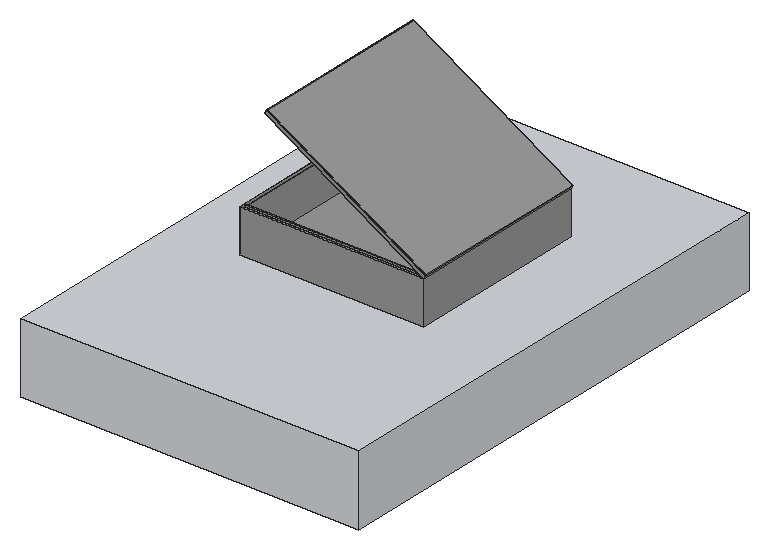
Revit family "Hager-Univers-IP54-D205-H800-Cl.II-Encl-CH-de", category Equipement électrique, Revit 2020
Family settings
  Hôte = Face
  Configuration du panneau = Deux colonnes, circuits au sein
  Cote de connecteur circulaire = Utiliser le diamètre
  Type d'élément = Tableau de raccordement
  Couper avec des vides une fois chargée = Non
  Partagée = Non
  Point de calcul de pièce = Non
Parameters (values of type "Aufputz IP54 B800 H800 T205  - FP53QSW")
  Width Control [instance] = if([EF000008 - Breite] > Min Width, [EF000008 - Breite], Min Width)  # 800 mm
  Commentaires du type = [HG000003 - Bereich]  # "Univers"
  Thickness Door [instance] = if([EF009171 - Materialstärke Tür/Deckel] > 3 mm, 3 mm, [EF009171 - Materialstärke Tür/Deckel])  # 1 mm
  Seal Frame Offset [instance] = 17 mm  # constant formula
  Plinth Visibility [instance] = [HG000027 - Sockelhöhe] > 0 mm  # no
  Model = ""
  Min Width [instance] = 100 mm  # constant formula
  Min Height [instance] = 100 mm  # constant formula
  Min Depth [instance] = (2 * [EF009170 - Materialstärke Gehäuse]) + 1 mm  # 3 mm
  Internal Frame Depth [instance] = (Door System Depth * 0.5)  # 9 mm
  Height Control [instance] = if([EF000040 - Höhe] > Min Height, [EF000040 - Höhe], Min Height)  # 800 mm
  HG000027 - Sockelhöhe = 0 mm
  HG000026 - Stehend auf dem Boden = no
  HG000024 - Höhe des unteren Teils = 800 mm
  HG000023 - Gehäuse mit doppeltem Querschnitt = no
  HG000016 - 3D-Türsichtbarkeit [instance] = yes
  HG000015 - Sichtbarkeit der Türöffnung [instance] = no
  HG000014 - Tür rechts [instance] = yes
  HG000013 - Tür links [instance] = not([HG000014 - Tür rechts])  # no
  HG000012 - Türschwenkwinkel [instance] = 30.00°
  HG000010 - Asymmetrische Türen = no
  HG000009 - Doppelflügeligen Tür = no
  HG000006 - Unterputz = no
  HG000004 - Herstellerreferenz = "FP53QSW"
  HG000003 - Bereich = "Univers"
  HG000002 - Mit tür = yes
  Frame Offset Bottom [instance] = 10 mm  # constant formula
  Frame Offset [instance] = 15 mm  # constant formula
  EF015940 - Deckel mit Überdruckentlastung = no
  EF011959 - Schutzart (NEMA) = ""
  EF009554 - Anzahl der Öffnungen für Flanschplatten = 6
  Fabricant = "Hager"  # constant formula
  EF009212 - Ausführung Deckel = "EV000116 - geschlossen"
  EF009171 - Materialstärke Tür/Deckel = 1 mm
  EF009170 - Materialstärke Gehäuse = 1 mm
  EF008873 - Nennstrom (In) = 250 A
  EF007800 - Geeignet für Blitzschutz = no
  EF006306 - Mit Schloss = no
  EF006244 - Transparenter Deckel/Tür = no
  EF005474 - Schutzart (IP) = "EV006419 - IP54"
  EF004464 - Art der Tür = "EV002646 - Einzel"
  EF004427 - Anzahl der Module = 180
  EF004293 - Schlagfestigkeit = "EV006815 - IK09"
  EF003532 - Geeignet für Außengebrauch = no
  EF002950 - Breite in Teilungseinheiten = 36
  EF001613 - Funktionserhalt = "EV000494 - ohne"
  EF001596 - Werkstoff des Gehäuses = "EV000179 - Stahl"
  EF001131 - Innentiefe = 143 mm
  EF001088 - Anbaumöglichkeit = yes
  EF000437 - Anzahl der Leitungseinführungen = 6
  EF000339 - Art der Abdeckung = "EV001012 - Deckel"
  EF000266 - Anzahl der Reihen = 5
  EF000218 - Einbautiefe = 0 mm
  EF000118 - Mit Montageplatte = no
  EF000116 - RAL-Nummer = "9010"
  EF000049 - Tiefe = 205 mm
  EF000040 - Höhe = 800 mm
  EF000008 - Breite = 800 mm
  EF000007 - Farbe = "EV000202 - weiß"
  EF000003 - Montageart = "EV000384 - Aufputz"
  Door System Leaf Tolerance [instance] = 1.5 mm  # constant formula
  Door System Depth [instance] = 18 mm  # constant formula
  Door Height [instance] = Height Control - [HG000027 - Sockelhöhe]  # 800 mm
  Depth Control [instance] = if([EF000049 - Tiefe] > Min Depth, [EF000049 - Tiefe], Min Depth)  # 205 mm
  Default Elevation = 0 mm
  Connector Offset [instance] = Height Control / 2  # 400 mm
  Bottom Top Plate Trim [instance] = 1.5 mm  # constant formula
  Plinth height Ctrl [instance] = if([HG000027 - Sockelhöhe] > 0 mm, [HG000027 - Sockelhöhe], 12 mm)  # 12 mm
Types (4, lengths in mm): name | Width Control | HG000004 - Herstellerreferenz | EF009554 - Anzahl der Öffnungen für Flanschplatten | EF004464 - Art der Tür | EF004427 - Anzahl der Module | EF002950 - Breite in Teilungseinheiten | EF001131 - Innentiefe | EF000437 - Anzahl der Leitungseinführungen | EF000339 - Art der Abdeckung | EF000008 - Breite
  Aufputz IP54 B1050 H800 T205  - FP54QSW | 1050 | "FP54QSW" | 8 | "EV003602 - Doppel" | 240 | 48 | 130 | 8 | "EV004216 - Tür" | 1050
  Aufputz IP54 B300 H800 T205  - FP51QSW | 300 | "FP51QSW" | 2 | "EV002646 - Einzel" | 60 | 12 | 130 | 2 | "EV001012 - Deckel" | 300
  Aufputz IP54 B550 H800 T205  - FP52QSW | 550 | "FP52QSW" | 4 | "EV002646 - Einzel" | 120 | 24 | 143 | 4 | "EV001012 - Deckel" | 550
  Aufputz IP54 B800 H800 T205  - FP53QSW | 800 | "FP53QSW" | 6 | "EV002646 - Einzel" | 180 | 36 | 143 | 6 | "EV001012 - Deckel" | 800
Reference planes
  plane 1 "Center (Front/Back)": y = 0
  plane 2: z = 0
  plane 3 "Center (Left/Right)": x = 0
  plane 4: z = 205
  plane 5: y = 1
  plane 6: y = 400
  plane 7: y = 0
  plane 8: y = 800
  plane 9: z = 0
  plane 10: x = -385
  plane 11: x = 385
  plane 12: x = 384
  plane 13: x = -384
  plane 14: y = 799
  plane 15: x = -383
  plane 16: x = -400
  plane 17: x = 383
  plane 18: x = 400
  plane 19: x = 399
  plane 20: x = -399
  plane 21: y = 11
  plane 22: y = 800
  plane 23: y = 784
  plane 24: z = 187
  plane 25: z = 1
  plane 26: z = 186
  plane 27: z = 204
Forms (mm)
  Extrusion 1, solid
    sketch origin (0, 0, 0) x (1, 0, 0) y (0, 1, 0)
      loop
        line (-702.964, 1305) -> (-702.964, -811.445) -> (766.763, -811.445) -> (766.763, 1305) -> (-702.964, 1305)
    from 0 to -304.8
  Extrusion 2, solid, material "Hager_Steel_RAL7035_Light_Grey", visible <- "Plinth Visibility", detail levels medium+fine
    sketch origin (0, 0, 0) x (1, 0, 0) y (0, 1, 0)
      loop
        line (-400, 0) -> (400, 0) -> (400, 12) -> (-400, 12) -> (-400, 0)
    from 0 to 187
  Extrusion 3, solid, material "Hager_Steel_RAL7035_Light_Grey", detail levels medium+fine
    sketch origin (0, 0, 0) x (1, 0, 0) y (0, 1, 0)
      loop
        line (-400, 0) -> (400, 0) -> (400, 800) -> (-400, 800) -> (-400, 0)
    from 0 to 187
  Extrusion 4, void
    sketch origin (0, 0, 0) x (1, 0, 0) y (0, 1, 0)
      loop
        line (-399, 1) -> (399, 1) -> (399, 799) -> (-399, 799) -> (-399, 1)
    from 1 to 186
  Extrusion 5, void
    sketch origin (-381.607, -4572, 187) x (0, -1, 0) y (-1, 0, 0)
      loop
        line (-4583, 2.393) -> (-5356, 2.393) -> (-5356, -765.607) -> (-4583, -765.607) -> (-4583, 2.393)
    from 0 to 1 <- "EF009170 - Materialstärke Gehäuse"
  Extrusion 6, solid, material "Hager_Steel_RAL7035_Light_Grey", detail levels fine
    sketch origin (0, 0, 187) x (1, 0, 0) y (0, 1, 0)
      loop
        line (-384, 784) -> (-384, 11) -> (384, 11) -> (384, 784) -> (-384, 784)
      loop
        line (-385, 10) -> (385, 10) -> (385, 785) -> (-385, 785) -> (-385, 10)
    from 0 to 9 <- "Internal Frame Depth"
  Extrusion 7, solid, material "Hager_Steel_RAL7035_Light_Grey", detail levels coarse
    sketch origin (0, 0, 0) x (1, 0, 0) y (0, 1, 0)
      loop
        line (-400, 0) -> (400, 0) -> (400, 800) -> (-400, 800) -> (-400, 0)
    from 0 to 205
  Sweep 8, void
    path in 3D
      loop
        line (-400, 12, 0) -> (400, 12, 0) -> (400, 12, 187) -> (-400, 12, 187) -> (-400, 12, 0)
    profile origin (-400, 12, 93.5) x (-1, 0, 0) y (0, -1, 0)
      loop
        line (0, 0) -> (0, 1.5) -> (-1.5, 1.5)
        arc (-1.5, 1.5) -> (-1.061, 0.439) -> (0, 0) r 1.5
Cuts and joins
  Extrusion 4, Extrusion 5 cuts Extrusion 3
  Sweep 8 cuts Extrusion 2
Lines and regions (mm)
  Masking region 1
    outline origin (0, 0, 0) x (1, 0, 0) y (0, 0, 1)
      loop
        line (-400, 205) -> (-400, 0) -> (400, 0) -> (400, 205) -> (-400, 205)
  Masking region 2, detail levels medium+fine
    outline origin (0, 140, 0) x (0, 1, 0) y (0, 0, 1)
      loop
        line (-140, 0) -> (660, 0) -> (660, 187) -> (-140, 187) -> (-140, 0)
  Masking region 3, not visible, detail levels medium+fine
    outline origin (0, 297.922, 0) x (0, 1, 0) y (0, 0, 1)
      loop
        line (113.578, 0) -> (153.578, 0) -> (153.578, 194)
        arc (153.578, 194) -> (150.649, 201.071) -> (143.578, 204) r 10
        line (143.578, 204) -> (113.578, 204) -> (113.578, 0)
  Masking region 4, detail levels coarse
    outline origin (0, 0, 180) x (0, 1, 0) y (0, 0, 1)
      loop
        line (0, -180) -> (800, -180) -> (800, 25) -> (0, 25) -> (0, -180)
  Masking region 5, visible <- "Plinth Visibility", detail levels medium+fine
    outline origin (0, 52.24, 12.345) x (0, 0, -1) y (0, 1, 0)
      loop
        line (10.845, -40.24) -> (-173.155, -40.24)
        arc (-173.155, -40.24) -> (-173.594, -41.301) -> (-174.655, -41.74) r 1.5
        line (-174.655, -41.74) -> (-174.655, -52.24) -> (12.345, -52.24) -> (12.345, -41.74)
        arc (12.345, -41.74) -> (11.285, -41.301) -> (10.845, -40.24) r 1.5
  Masking region 6, detail levels medium+fine
    outline origin (-381.607, -4572, 187) x (-1, 0, 0) y (0, -1, 0)
      loop
        line (18.393, -5372) -> (18.393, -4572) -> (-781.607, -4572) -> (-781.607, -5372) -> (18.393, -5372)
  Masking region 7, visible <- "Plinth Visibility", detail levels medium+fine
    outline origin (-381.607, -4727, 187) x (-1, 0, 0) y (0, -1, 0)
      loop
        arc (16.893, -4739) -> (17.332, -4737.939) -> (18.393, -4737.5) r 1.5
        line (18.393, -4737.5) -> (18.393, -4727) -> (-781.607, -4727) -> (-781.607, -4737.5)
        arc (-781.607, -4737.5) -> (-780.546, -4737.939) -> (-780.107, -4739) r 1.5
        line (-780.107, -4739) -> (16.893, -4739)
  Masking region 8, detail levels coarse
    outline origin (-442.548, -4669.526, 187) x (-1, 0, 0) y (0, -1, 0)
      loop
        line (-42.548, -5469.526) -> (-42.548, -4669.526) -> (-842.548, -4669.526) -> (-842.548, -5469.526) -> (-42.548, -5469.526)
  sketch lines
    curve 1: line (-400, 12, 187) -> (-400, 12, 0)
    curve 2: line (400, 12, 187) -> (-400, 12, 187)
    curve 3: line (400, 12, 187) -> (400, 12, 0)
    curve 4: line (-400, 12, 0) -> (400, 12, 0)
Dimensions and locks
  "Depth Control": plane 4 to Extrusion 1
  "HG000027 - Sockelhöhe": plane 1 "Center (Front/Back)" to plane 7
  "EF009170 - Materialstärke Gehäuse": plane 5 to plane 7
  locked: connector elem to plane 3 "Center (Left/Right)"
  equal spacing: plane 8, plane 6, plane 7
  locked: connector elem to plane 6
  "EF009170 - Materialstärke Gehäuse": plane 8 to plane 14
  "EF009170 - Materialstärke Gehäuse": plane 10 to plane 13
  "EF009170 - Materialstärke Gehäuse": plane 12 to plane 11
  "Frame Offset": plane 20 to plane 13
  "Frame Offset": plane 12 to plane 19
  "EF009170 - Materialstärke Gehäuse": plane 16 to plane 20
  "EF009170 - Materialstärke Gehäuse": plane 19 to plane 18
  "Seal Frame Offset": plane 16 to plane 15
  "Seal Frame Offset": plane 17 to plane 18
  "Frame Offset Bottom": plane 21 to plane 5
  "Frame Offset": plane 14 to plane 23
  equal spacing: plane 16, plane 3 "Center (Left/Right)", plane 18
  "Width Control": plane 16 to plane 18
  "EF009170 - Materialstärke Gehäuse": plane 4 to plane 27
  "EF009170 - Materialstärke Gehäuse": plane 24 to plane 26
  "EF009170 - Materialstärke Gehäuse": plane 25 to level
  "Door System Depth": plane 4 to plane 24
  "Height Control": plane 1 "Center (Front/Back)" to Extrusion 7 sketch curve
  "Height Control": Masking region 4 sketch curve to plane 1 "Center (Front/Back)"
  "Height Control": plane 1 "Center (Front/Back)" to plane 22
  "Bottom Top Plate Trim": profile plane to Sweep 8 sketch curve
  "Bottom Top Plate Trim": Sweep 8 sketch curve to profile plane
  "Plinth height Ctrl": plane 1 "Center (Front/Back)" to Extrusion 2 sketch curve
  "Plinth height Ctrl": Masking region 5 sketch curve to plane 1 "Center (Front/Back)"
  "Plinth height Ctrl": plane 1 "Center (Front/Back)" to Masking region 7 sketch curve
  "Thickness Door": Extrusion 6 sketch curve to Extrusion 6 sketch curve  (x3)
  "Thickness Door": cut or joined group of Extrusion 3, Extrusion 4, Extrusion 5 to Extrusion 6 sketch curve
  radius of Masking region 3 sketch curve = 10 mm
  "Bottom Top Plate Trim": radius of Masking region 5 sketch curve  (x2)
  "Bottom Top Plate Trim": radius of Sweep 8 sketch curve
  "Bottom Top Plate Trim": radius of Masking region 7 sketch curve  (x2)
  aligned and locked: plane 2 to Extrusion 1
  aligned and locked: level to Extrusion 1
  aligned and locked: level to Masking region 1 sketch curve
  aligned and locked: Masking region 1 sketch curve to plane 18
  aligned and locked: Masking region 1 sketch curve to plane 16
  aligned and locked: plane 7 to Masking region 2 sketch curve
  aligned and locked: level to Masking region 3 sketch curve
  aligned and locked: Masking region 3 sketch curve to plane 27
  aligned and locked: level to Masking region 2 sketch curve
  aligned and locked: plane 1 "Center (Front/Back)" to Extrusion 2 sketch curve
  aligned and locked: Extrusion 3 sketch curve to plane 7
  aligned and locked: plane 16 to Extrusion 3 sketch curve
  aligned and locked: plane 18 to Extrusion 3 sketch curve
  aligned and locked: plane 20 to Extrusion 4 sketch curve
  aligned and locked: plane 19 to Extrusion 4 sketch curve
  aligned and locked: Extrusion 4 sketch curve to plane 5
  aligned and locked: Extrusion 4 to plane 25
  aligned and locked: plane 26 to Extrusion 4
  aligned and locked: plane 24 to Extrusion 3
  aligned and locked: Extrusion 5 sketch curve to plane 21
  aligned and locked: Extrusion 5 sketch curve to plane 13
  aligned and locked: Extrusion 5 sketch curve to plane 12
  aligned and locked: plane 18 to Extrusion 7 sketch curve
  aligned and locked: plane 1 "Center (Front/Back)" to Extrusion 7 sketch curve
  aligned and locked: plane 16 to Extrusion 7 sketch curve
  aligned and locked: plane 4 to Extrusion 7
  aligned and locked: Extrusion 7 to level
  aligned and locked: level to Masking region 4 sketch curve
  aligned and locked: Masking region 4 sketch curve to plane 1 "Center (Front/Back)"
  aligned and locked: Masking region 4 sketch curve to plane 4
  aligned and locked: nested 1 to level
  aligned and locked: nested 1 to plane 16
  aligned and locked: plane 8 to Extrusion 3 sketch curve
  aligned and locked: plane 23 to Extrusion 5 sketch curve
  aligned and locked: plane 14 to Extrusion 4 sketch curve
  aligned and locked: Masking region 2 sketch curve to plane 8
  aligned and locked: level to Masking region 5 sketch curve
  aligned and locked: plane 16 to Extrusion 2 sketch curve
  aligned and locked: plane 18 to Extrusion 2 sketch curve
  aligned and locked: Masking region 5 sketch curve to plane 24
  aligned and locked: Masking region 2 sketch curve to plane 24
  aligned and locked: plane 24 to Extrusion 2
  aligned and locked: profile plane to Sweep 8 sketch curve  (x2)
  aligned and locked: Masking region 6 sketch curve to plane 18
  aligned and locked: Masking region 6 sketch curve to plane 22
  aligned and locked: Masking region 6 sketch curve to plane 16
  aligned and locked: plane 8 to plane 22
  aligned and locked: Masking region 6 sketch curve to plane 7
  aligned and locked: Masking region 7 sketch curve to plane 16
  aligned and locked: Masking region 7 sketch curve to plane 1 "Center (Front/Back)"
  aligned and locked: Masking region 7 sketch curve to plane 18
  aligned and locked: Masking region 8 sketch curve to plane 1 "Center (Front/Back)"
  aligned and locked: Masking region 8 sketch curve to plane 18
  aligned and locked: Masking region 8 sketch curve to plane 22
  aligned and locked: Masking region 8 sketch curve to plane 16
  aligned and locked: nested 2 to plane 7
  aligned and locked: plane 3 "Center (Left/Right)" to nested 2
  aligned and locked: nested 2 to plane 24
  aligned and locked: Extrusion 6 sketch curve to cut or joined group of Extrusion 3, Extrusion 4, Extrusion 5  (x4)
Automatic sketch dimensions
  Extrusion 1 sketch curve to Extrusion 1 sketch curve = 1469.727 mm
  Extrusion 1 sketch curve to Extrusion 1 sketch curve = 2116.445 mm
  Masking region 1 sketch curve to plane 4 = 0 mm
  plane 6 to Masking region 3 sketch curve = 11.5 mm
  Masking region 3 sketch curve to Masking region 3 sketch curve = 30 mm
  Masking region 5 sketch curve to plane 1 "Center (Front/Back)" = 0 mm
Nested families
  nested 1: "Hager_Enclosure_Symbol" at (-400, 0, 0) x (1, 0, 0) z (0, -1, 0), Height <- "Depth Control", Width <- "Width Control", type "Hager_Enclosure_Symbol"
    with Width_Ctrl 800 mm, Width 800 mm, Height_Ctrl 205 mm, Height 205 mm, A_Width_Int 13.453 mm, A_Width 161.438 mm, A_Height_Ctrl 179.375 mm, A_Height 179.375 mm
  nested 2: "EC000058_Univers_Door" at (0, 0, 187) x (1, 0, 0) z (0, 1, 0), Leaf_Tolerance <- "Door System Leaf Tolerance", Angle <- "HG000012 - Türschwenkwinkel", Door_Depth <- "Door System Depth", Door_Left <- "HG000013 - Tür links", Transparent <- "EF006244 - Transparenter Deckel/Tür", Assymetrical <- "HG000010 - Asymmetrische Türen", Width <- "Width Control", Clearance <- "HG000015 - Sichtbarkeit der Türöffnung", Double <- "HG000009 - Doppelflügeligen Tür", 3d_Door <- "HG000016 - 3D-Türsichtbarkeit", Lock_Visibility <- "EF006306 - Mit Schloss", Width_Ctrl <- "Width Control", Door_Right <- "HG000014 - Tür rechts", Door <- "HG000002 - Mit tür", Height <- "Door Height", Thickness <- "Thickness Door", type "EC000058_Univers_Door", detail levels medium+fine
    with min_wh 3 mm, Width_Ctrl 800 mm, Width 800 mm, Transparent no, Thickness 1 mm, Seal_Material Hager_Rubber, Lock_Visibility no, Lock_Material Hager_Plastic_RAL9005_Jet_Black, Leaf_Width 800 mm, Leaf_Tolerance_External_Sides 0 mm, Leaf_Tolerance 1.5 mm, Leaf_Offset 0 mm, Leaf_Height 797 mm, Leaf_2_Width 800 mm, Leaf_2_Offset 400 mm, Leaf_1_Width 800 mm, Leaf_1_Offset 400 mm, Height_Ctrl 800 mm, Height 800 mm, Glass_Material Hager_Glass, Double_Clearance_Ctrl no, Double no, Door_Right_Ctrl yes, Door_Right yes, Door_Material Hager_Steel_RAL7035_Light_Grey, Door_Left_Ctrl no, Door_Left no, Door_Depth 18 mm, Door yes, Clearance_Material Hager_Clearance, Clearance_Depth 800 mm, Clearance_Ctrl no, Clearance no, Assymetrical no, Angle 30.00°, 3d_Door yes
Connectors
  electrical at (0, 400, 0)
    settings: on plane 9, index 1, voltage 0 V, apparent load 0 VA, apparent load phase1 0 VA, apparent load phase2 0 VA, apparent load phase3 0 VA, power factor 1, load classification "Other", number of poles 1, system type 30, power factor state 1, is connector primary yes, connector utility no, sub classification motor no, connector description ""
Definition of nested family "EC000058_Univers_Door"
  Parameters (values of type "EC000058_Univers_Door")
    min_wh [instance] = (2 * Thickness) + 1 mm  # 11 mm
    Width_Ctrl [instance] = 400 mm
    Width [instance] = 500 mm
    Transparent [instance] = yes
    Thickness [instance] = 5 mm
    Seal_Material [instance] = none
    Lock_Visibility [instance] = yes
    Lock_Material [instance] = none
    Leaf_Width [instance] = if((Width_Ctrl - 2 * Leaf_Tolerance_External_Sides) > 0 mm, (Width_Ctrl - 2 * Leaf_Tolerance_External_Sides), min_wh)  # 400 mm
    Leaf_Tolerance_External_Sides [instance] = 0 mm  # constant formula
    Leaf_Tolerance [instance] = 1.5 mm
    Leaf_Offset [instance] = 0 mm  # constant formula
    Leaf_Height [instance] = if((Height_Ctrl - 2 * Leaf_Tolerance) > 0 mm, (Height_Ctrl - 2 * Leaf_Tolerance), min_wh)  # 497 mm
    Leaf_2_Width [instance] = if(and(and(Double, Assymetrical), Door_Left), (Leaf_Width / 3) - (Leaf_Tolerance / 2), if(and(and(Double, Assymetrical), Door_Right), (Leaf_Width / 3) * 2 - (Leaf_Tolerance / 2), if(and(Double, not(Assymetrical)), (Leaf_Width / 2) - Leaf_Tolerance, Leaf_Width)))  # 400 mm
    Leaf_2_Offset [instance] = if(and(Double, Assymetrical), Leaf_2_Width / 2, if(and(Double, not(Assymetrical)), Leaf_Width / 4, Leaf_Width / 2))  # 200 mm
    Leaf_1_Width [instance] = if(and(and(Double, Assymetrical), Door_Right), (Leaf_Width / 3) - (Leaf_Tolerance / 2), if(and(and(Double, Assymetrical), Door_Left), (Width / 3) * 2 - (Leaf_Tolerance / 2), if(and(Double, not(Assymetrical)), (Leaf_Width / 2) - Leaf_Tolerance, Leaf_Width)))  # 400 mm
    Leaf_1_Offset [instance] = if(and(Double, Assymetrical), Leaf_1_Width / 2, if(and(Double, not(Assymetrical)), Leaf_Width / 4, Leaf_Width / 2))  # 200 mm
    Height_Ctrl [instance] = if(Height > min_wh, Height, min_wh)  # 500 mm
    Height [instance] = 500 mm
    Glass_Material [instance] = none
    Double_Clearance_Ctrl [instance] = and(Double, Clearance)  # no
    Double [instance] = no
    Door_Right_Ctrl [instance] = and(or(Door_Right, Double), Door)  # yes
    Door_Right [instance] = yes
    Door_Material [instance] = none
    Door_Left_Ctrl [instance] = and(or(Door_Left, Double), Door)  # no
    Door_Left [instance] = no
    Door_Depth [instance] = 30 mm
    Door [instance] = yes
    Default Elevation = 1219.2 mm
    Clearance_Material [instance] = none
    Clearance_Depth [instance] = if(Leaf_1_Width > Leaf_2_Width, Leaf_1_Width, Leaf_2_Width)  # 400 mm
    Clearance_Ctrl [instance] = and(not(Double), Clearance)  # yes
    Clearance [instance] = yes
    Assymetrical [instance] = yes
    Angle [instance] = 30.00°
    3d_Door [instance] = yes
  Reference planes
    plane 1 "Center (Front/Back)": y = 0
    plane 2 "Bottom": z = 0
    plane 3 "Center (Left/Right)": x = 0
    plane 4: z = 500
    plane 5: x = -200
    plane 6: x = 200
    plane 7: z = 500
    plane 8: x = -200
    plane 9: z = 0
    plane 10: x = 200
    plane 11: y = 0
    plane 12: z = 1.5
    plane 13: x = -600
    plane 14: y = -400
    plane 15: x = 600
    plane 16: x = 0
    plane 17: x = 0
    plane 18: x = -200
    plane 19: x = 200
    plane 20: z = 498.5
  Forms (mm)
    Extrusion 1, solid, material <- "Clearance_Material", visible <- "Double_Clearance_Ctrl"
      sketch origin (1200, 0, 0) x (1, 0, 0) y (0, 0, -1)
        loop
          line (-1800, -498.5) -> (-600, -498.5) -> (-600, 0) -> (-1800, 0) -> (-1800, -498.5)
      from 0 to -400
  Dimensions and locks
    equal spacing: plane 5, plane 3 "Center (Left/Right)", plane 6
    "Width_Ctrl": plane 5 to plane 6
    "Leaf_Offset": plane 5 to plane 8
    "Leaf_Offset": plane 6 to plane 10
    "Leaf_Offset": plane 9 to level
    "Leaf_Offset": plane 4 to plane 7
    "Height_Ctrl": plane 4 to level
    "Leaf_Tolerance": plane 12 to plane 9
    locked: plane 11 to plane 1 "Center (Front/Back)"
    "Leaf_1_Offset": plane 18 to plane 16
    "Leaf_2_Offset": plane 17 to plane 19
    "Leaf_1_Width": plane 13 to plane 8
    "Leaf_2_Width": plane 10 to plane 15
    "Clearance_Depth": plane 14 to plane 1 "Center (Front/Back)"
    "Leaf_Tolerance_External_Sides": plane 8 to plane 18
    "Leaf_Tolerance_External_Sides": plane 19 to plane 10
    "Leaf_Tolerance": plane 7 to plane 20
    aligned and locked: level to plane 2 "Bottom"
    aligned and locked: nested 1 to plane 16
    aligned and locked: nested 2 to plane 17
    aligned and locked: Extrusion 1 to plane 13
    aligned and locked: plane 15 to Extrusion 1
    aligned and locked: Extrusion 1 to plane 14
    aligned and locked: plane 12 to nested 1
    aligned and locked: nested 2 to plane 12
    aligned and locked: Extrusion 1 to plane 11
    aligned and locked: plane 20 to Extrusion 1
    aligned and locked: nested 2 to plane 11
    aligned and locked: nested 1 to plane 11
  Automatic sketch dimensions
    Extrusion 1 sketch curve to level = 0 mm
    plane 5 to Extrusion 1 sketch curve = 400 mm
    plane 6 to Extrusion 1 sketch curve = 400 mm
    Extrusion 1 sketch curve to plane 4 = 1.5 mm
  Nested families
    nested 1: "EC000058_Univers_Door_Leaf" at (0, 0, 1.5), Width <- "Leaf_1_Width", visible <- "Door_Left_Ctrl", Leaf_Height <- "Leaf_Height", Angle <- "Angle", 3d_Door <- "3d_Door", Transparent <- "Transparent", Clearance Material <- "Clearance_Material", Clearance <- "Clearance_Ctrl", Door_Material <- "Door_Material", Glass_Material <- "Glass_Material", Door_Depth <- "Door_Depth", Lock_Material <- "Lock_Material", Seal_Material <- "Seal_Material", Lock_Visibility <- "Lock_Visibility", Thickness <- "Thickness", type "EC000058_Univers_Door_Leaf"
      with Width 400 mm, Transparent_Glass_Offset 30 mm, Transparent_Ctrl yes, Transparent yes, Thickness 5 mm, Standard no, Seal_Material none, Seal_D2 8 mm, Seal_D1 1 mm, Offset_Internal_Frame 10 mm, Lock_Width 20 mm, Lock_Visibility_3d yes, Lock_Visibility yes, Lock_Thickness_3 3 mm, Lock_Thickness_2 1 mm, Lock_Thickness_1 3 mm, Lock_Radius_Offset_2 16 mm, Lock_Radius_Offset_1 15 mm, Lock_Radius_2 5 mm, Lock_Radius 6 mm, Lock_Offset 5 mm, Lock_Material none, Lock_Height 80 mm, Lock_Cover_Top_Offset_2d 17 mm, Lock_Cover_Height -65 mm, Leaf_Height 497 mm, Internal_Seal_Thickness 8 mm, Internal_Seal_Depth_2 4.5 mm, Internal_Frame_Depth 25 mm, Glass_Thickness -1 mm, Glass_Offset -2 mm, Glass_Material none, Door_Material none, Door_Depth 30 mm, Clearance Material none, Clearance yes, Angle_Ctrl 30.00°, Angle 30.00°, 3d_Door yes
    nested 2: "EC000058_Univers_Door_Leaf" at (0, 0, 1.5) x (-1, 0, 0) z (0, 0, 1), Width <- "Leaf_2_Width", visible <- "Door_Right_Ctrl", Leaf_Height <- "Leaf_Height", Angle <- "Angle", 3d_Door <- "3d_Door", Transparent <- "Transparent", Clearance Material <- "Clearance_Material", Clearance <- "Clearance_Ctrl", Door_Material <- "Door_Material", Glass_Material <- "Glass_Material", Door_Depth <- "Door_Depth", Lock_Material <- "Lock_Material", Seal_Material <- "Seal_Material", Lock_Visibility <- "Lock_Visibility", Thickness <- "Thickness", type "EC000058_Univers_Door_Leaf"
      with Width 400 mm, Transparent_Glass_Offset 30 mm, Transparent_Ctrl yes, Transparent yes, Thickness 5 mm, Standard no, Seal_Material none, Seal_D2 8 mm, Seal_D1 1 mm, Offset_Internal_Frame 10 mm, Lock_Width 20 mm, Lock_Visibility_3d yes, Lock_Visibility yes, Lock_Thickness_3 3 mm, Lock_Thickness_2 1 mm, Lock_Thickness_1 3 mm, Lock_Radius_Offset_2 16 mm, Lock_Radius_Offset_1 15 mm, Lock_Radius_2 5 mm, Lock_Radius 6 mm, Lock_Offset 5 mm, Lock_Material none, Lock_Height 80 mm, Lock_Cover_Top_Offset_2d 17 mm, Lock_Cover_Height -65 mm, Leaf_Height 497 mm, Internal_Seal_Thickness 8 mm, Internal_Seal_Depth_2 4.5 mm, Internal_Frame_Depth 25 mm, Glass_Thickness -1 mm, Glass_Offset -2 mm, Glass_Material none, Door_Material none, Door_Depth 30 mm, Clearance Material none, Clearance yes, Angle_Ctrl 30.00°, Angle 30.00°, 3d_Door yes
  Definition of nested family "EC000058_Univers_Door_Leaf"
    Parameters (values of type "EC000058_Univers_Door_Leaf")
      Width [instance] = 2000 mm
      Transparent_Glass_Offset [instance] = 30 mm
      Transparent_Ctrl [instance] = and(Transparent, [3d_Door])  # yes
      Transparent [instance] = yes
      Thickness [instance] = 5 mm
      Standard [instance] = and(not(Transparent), [3d_Door])  # no
      Seal_Material [instance] = none
      Seal_D2 [instance] = 8 mm  # constant formula
      Seal_D1 [instance] = 1 mm  # constant formula
      Offset_Internal_Frame [instance] = 10 mm  # constant formula
      Lock_Width [instance] = 20 mm  # constant formula
      Lock_Visibility_3d [instance] = and(Lock_Visibility, [3d_Door])  # yes
      Lock_Visibility [instance] = yes
      Lock_Thickness_3 [instance] = 3 mm  # constant formula
      Lock_Thickness_2 [instance] = 1 mm  # constant formula
      Lock_Thickness_1 [instance] = 3 mm  # constant formula
      Lock_Radius_Offset_2 [instance] = Lock_Radius_Offset_1 + 1 mm  # 16 mm
      Lock_Radius_Offset_1 [instance] = 15 mm  # constant formula
      Lock_Radius_2 [instance] = Lock_Radius - 1 mm  # 5 mm
      Lock_Radius [instance] = 6 mm  # constant formula
      Lock_Offset [instance] = 5 mm  # constant formula
      Lock_Material [instance] = none
      Lock_Height [instance] = 80 mm  # constant formula
      Lock_Cover_Top_Offset_2d [instance] = Lock_Radius_Offset_2 + 1 mm  # 17 mm
      Lock_Cover_Height [instance] = -(Lock_Height - Lock_Radius_Offset_1)  # -65 mm
      Leaf_Height [instance] = 2720.336 mm
      Internal_Seal_Thickness [instance] = 8 mm  # constant formula
      Internal_Seal_Depth_2 [instance] = 4.5 mm  # constant formula
      Internal_Frame_Depth [instance] = if(Door_Depth - Thickness > 5 mm, Door_Depth - Thickness, 5 mm)  # 25 mm
      Glass_Thickness [instance] = if(Thickness > 15 mm, Glass_Offset + 10 mm, -1 mm)  # -1 mm
      Glass_Offset [instance] = if(Thickness > 15 mm, -(Thickness + 10 mm) / 2, -2 mm)  # -2 mm
      Glass_Material [instance] = none
      Door_Material [instance] = none
      Door_Depth [instance] = 30 mm
      Default Elevation = 0 mm
      Clearance Material [instance] = none
      Clearance [instance] = yes
      Angle_Ctrl [instance] = if(Angle > 180.00°, 180.00°, Angle)  # 90.00°
      Angle [instance] = 90.00°
      3d_Door [instance] = yes
    Reference planes
      plane 1 "Center (Front/Back)": y = 0
      plane 2: z = 0
      plane 3 "Center (Left/Right)": x = 0
      plane 4: y = 2000
      plane 5: x = -1000
      plane 6: x = 1000
      plane 7: x = -3000
      plane 8: z = 2720.336
      plane 9: z = 30
      plane 10: z = 2690.336
      plane 11: x = 970
      plane 12: x = -970
      plane 13: y = -3
      plane 14: z = 107.833
      plane 15: y = -5
      plane 16: y = -223.314
      plane 17: x = -1000
      plane 18: z = 1360.168
      plane 19: y = 30
    Forms (mm)
      Extrusion 1, solid, material <- "Clearance Material", visible <- "Clearance"
        sketch origin (0, 0, 0) x (1, 0, 0) y (0, 0, 1)
          loop
            line (-3000, 2720.336) -> (-3000, 0) -> (1000, 0) -> (1000, 2720.336) -> (-3000, 2720.336)
        from 0 to -2000
      Extrusion 2, solid, material <- "Door_Material", visible <- "Standard", detail levels medium+fine
        sketch origin (-1000, 0, 0) x (0, 1, 0) y (-1, 0, 0)
          loop
            line (0, 30) -> (0, 25) -> (2000, 25) -> (2000, 30) -> (0, 30)
        from 0 to 2720.336 <- "Leaf_Height"
      Extrusion 3, solid, material <- "Door_Material", visible <- "Transparent_Ctrl", detail levels medium+fine
        sketch origin (-1000, 0, 0) x (0, 1, 0) y (-1, 0, 0)
          loop
            line (0, 25) -> (2000, 25) -> (2000, 30) -> (0, 30) -> (0, 25)
        from 0 to 2720.336 <- "Leaf_Height"
      Extrusion 4, void
        sketch origin (-1025, 2000, 0) x (0, 1, 0) y (0, 0, -1)
          loop
            line (-30, -2690.336) -> (-30, -30) -> (-1970, -30) -> (-1970, -2690.336) -> (-30, -2690.336)
        from 0 to 5 <- "Thickness"
      Sweep 5, solid, material <- "Seal_Material", visible <- "Transparent_Ctrl", detail levels fine
        path in 3D
          loop
            line (-1025, 30, 30) -> (-1025, 30, 2690.336) -> (-1025, 1970, 2690.336) -> (-1025, 1970, 30) -> (-1025, 30, 30)
        profile origin (-1025, 1000, 30) x (1, 0, 0) y (0, 0, 1)
          loop
            line (0, 0) -> (0, -8) -> (1, -8) -> (1, 0) -> (0, 0)
      Extrusion 6, solid, material <- "Glass_Material", visible <- "Transparent_Ctrl", detail levels medium+fine
        sketch origin (-1030, 0, 0) x (0, 1, 0) y (0, 0, -1)
          loop
            line (1970, -2690.336) -> (1970, -30) -> (30, -30) -> (30, -2690.336) -> (1970, -2690.336)
        from -2 <- "Glass_Offset" to -1 <- "Glass_Thickness"
      Extrusion 7, solid, material <- "Door_Material", visible <- "3d_Door", detail levels medium+fine
        sketch origin (-1025, 2000, 0) x (0, -1, 0) y (0, 0, -1)
          loop
            line (0, -2720.336) -> (2000, -2720.336) -> (2000, 0) -> (0, 0) -> (0, -2720.336)
          loop
            line (1995, -5) -> (5, -5) -> (5, -2715.336) -> (1995, -2715.336) -> (1995, -5)
        from 0 to 25 <- "Internal_Frame_Depth"
      Sweep 8, solid, material <- "Seal_Material", visible <- "Transparent_Ctrl", detail levels fine
        path in 3D
          loop
            line (-1025, 0, 0) -> (-1025, 2000, 0) -> (-1025, 2000, 2720.336) -> (-1025, 0, 2720.336) -> (-1025, 0, 0)
        profile origin (-1025, 0, 1360.168) x (1, 0, 0) y (0, 1, 0)
          loop
            line (0, 10) -> (2.975, 10)
            arc (2.975, 10) -> (4.053, 10.447) -> (4.5, 11.525) r 1.525
            line (4.5, 11.525) -> (4.5, 16.527)
            arc (4.5, 16.527) -> (4.069, 17.569) -> (3.027, 18) r 1.473
            line (3.027, 18) -> (0, 18) -> (0, 10)
      Extrusion 9, solid, material <- "Lock_Material", visible <- "Lock_Visibility_3d", detail levels fine
        sketch origin (-1030, 0, 0) x (0, 1, 0) y (0, 0, -1)
          loop
            arc (1993.5, -1400.168) -> (1994.561, -1399.729) -> (1995, -1398.668) r 1.5
            line (1995, -1398.668) -> (1995, -1320.168) -> (1975, -1320.168) -> (1975, -1398.668)
            arc (1975, -1398.668) -> (1975.439, -1399.729) -> (1976.5, -1400.168) r 1.5
            line (1976.5, -1400.168) -> (1993.5, -1400.168)
        from 3 <- "Lock_Thickness_1" to 0
      Blend 10, solid, material <- "Lock_Material", visible <- "Lock_Visibility_3d", detail levels fine
        base sketch origin (-1033, 0, 0) x (0, 1, 0) y (0, 0, -1)
          loop
            line (1975, -1320.168) -> (1975, -1398.668)
            arc (1975, -1398.668) -> (1975.439, -1399.729) -> (1976.5, -1400.168) r 1.5
            line (1976.5, -1400.168) -> (1993.5, -1400.168)
            arc (1993.5, -1400.168) -> (1994.561, -1399.729) -> (1995, -1398.668) r 1.5
            line (1995, -1398.668) -> (1995, -1320.168) -> (1975, -1320.168)
        top sketch origin (-1033, 0, 0) x (0, 1, 0) y (0, 0, -1)
          loop
            line (1976, -1320.168) -> (1976, -1398.668)
            arc (1976, -1398.668) -> (1976.146, -1399.022) -> (1976.5, -1399.168) r 0.5
            line (1976.5, -1399.168) -> (1993.5, -1399.168)
            arc (1993.5, -1399.168) -> (1993.854, -1399.022) -> (1994, -1398.668) r 0.5
            line (1994, -1398.668) -> (1994, -1320.168) -> (1976, -1320.168)
        from 0 to 1 <- "Lock_Thickness_2"
      Blend 11, solid, material <- "Lock_Material", visible <- "Lock_Visibility_3d", detail levels fine
        base sketch origin (-1034, 0, 0) x (0, 1, 0) y (0, 0, -1)
          loop
            line (1978, -1320.168) -> (1978, -1384.168)
            arc (1978, -1384.168) -> (1985, -1391.168) -> (1992, -1384.168) r 7
            line (1992, -1384.168) -> (1992, -1320.168) -> (1978, -1320.168)
        top sketch origin (-1034, 0, 0) x (0, 1, 0) y (0, 0, -1)
          loop
            line (1991, -1320.168) -> (1979, -1320.168) -> (1979, -1383.168)
            arc (1979, -1383.168) -> (1985, -1389.168) -> (1991, -1383.168) r 6
            line (1991, -1383.168) -> (1991, -1320.168)
        from 0 to 3 <- "Lock_Thickness_3"
      Extrusion 12, solid, material <- "Lock_Material", visible <- "Lock_Visibility_3d", detail levels fine
        sketch origin (-1030, 1975, 1320.168) x (1, 0, 0) y (0, -1, 0)
          loop
            line (-7, -19) -> (-7, -1) -> (0, -1) -> (0, 0) -> (-8, 0) -> (-8, -20) -> (0, -20) -> (0, -19) -> (-7, -19)
        from 0 to -65 <- "Lock_Cover_Height"
      Extrusion 13, void
        sketch origin (-1038, 1995, 1320.168) x (-1, 0, 0) y (0, 0, -1)
          loop
            line (-5, -65) -> (0, -65) -> (-5, -60) -> (-5, -65)
        from 0 to 20 <- "Lock_Width"
      Extrusion 14, void
        sketch origin (-1038, 1975, 1320.168) x (0, -1, 0) y (0, 0, -1)
          loop
            circle (-10, -15.995) r 6
          loop
            circle (-10, -15.995) r 5
        from 0 to 2
      Extrusion 15, solid, material <- "Lock_Material", visible <- "Lock_Visibility_3d", detail levels medium
        sketch origin (-1030, 0, 0) x (0, 1, 0) y (0, 0, -1)
          loop
            arc (1993.5, -1400.168) -> (1994.561, -1399.729) -> (1995, -1398.668) r 1.5
            line (1995, -1398.668) -> (1995, -1320.168) -> (1975, -1320.168) -> (1975, -1398.668)
            arc (1975, -1398.668) -> (1975.439, -1399.729) -> (1976.5, -1400.168) r 1.5
            line (1976.5, -1400.168) -> (1993.5, -1400.168)
        from 8 to 0
    Cuts and joins
      Extrusion 4 cuts Extrusion 3
      Extrusion 13, Extrusion 14 cuts Extrusion 9
      Extrusion 14 cuts Blend 11
      Extrusion 13, Extrusion 14 cuts Extrusion 12
      joined: Extrusion 9, Blend 10, Blend 11, Extrusion 12
      Extrusion 14 cuts Extrusion 15
    Lines and regions (mm)
      Masking region 1, visible <- "Lock_Visibility", detail levels fine
        outline origin (0, 0, 0) x (0, 1, 0) y (0, 0, 1)
          loop
            line (30, 1320.168) -> (33, 1320.168) -> (33, 1400.168) -> (30, 1400.168) -> (30, 1320.168)
      Masking region 2, visible <- "Lock_Visibility", detail levels fine
        outline origin (0, 3.143, 0) x (0, 1, 0) y (0, 0, 1)
          loop
            line (29.857, 1354.168) -> (30.857, 1354.168) -> (30.857, 1366.168) -> (29.857, 1366.168) -> (29.857, 1354.168)
      Masking region 3, detail levels medium+fine
        outline origin (0, 0, 0) x (0, 1, 0) y (0, 0, 1)
          loop
            line (0, 0) -> (30, 0) -> (30, 2720.336) -> (0, 2720.336) -> (0, 0)
      Masking region 4, detail levels medium+fine
        outline origin (0, 0, 0) x (1, 0, 0) y (0, 0, 1)
          loop
            line (-1000, 2720.336) -> (-1000, 0) -> (1000, 0) -> (1000, 2720.336) -> (-1000, 2720.336)
      Masking region 5, visible <- "Lock_Visibility", detail levels fine
        outline origin (-47.116, 0, 0) x (1, 0, 0) y (0, 0, 1)
          loop
            arc (1024.616, 1399.168) -> (1023.556, 1398.729) -> (1023.116, 1397.668) r 1.5
            line (1023.116, 1397.668) -> (1023.116, 1320.168) -> (1041.116, 1320.168) -> (1041.116, 1397.668)
            arc (1041.116, 1397.668) -> (1040.677, 1398.729) -> (1039.616, 1399.168) r 1.5
            line (1039.616, 1399.168) -> (1024.616, 1399.168)
      Masking region 6, visible <- "Lock_Visibility", detail levels medium+fine
        outline origin (-25, 0, 0) x (1, 0, 0) y (0, 0, 1)
          loop
            arc (1001.5, 1400.168) -> (1000.439, 1399.729) -> (1000, 1398.668) r 1.5
            line (1000, 1398.668) -> (1000, 1320.168) -> (1020, 1320.168) -> (1020, 1398.668)
            arc (1020, 1398.668) -> (1019.561, 1399.729) -> (1018.5, 1400.168) r 1.5
            line (1018.5, 1400.168) -> (1001.5, 1400.168)
      Masking region 7, visible <- "Lock_Visibility", detail levels fine
        outline origin (-73.735, 0, 0) x (1, 0, 0) y (0, 0, 1)
          loop
            line (1051.735, 1382.168) -> (1065.735, 1382.168) -> (1065.735, 1384.168)
            arc (1065.735, 1384.168) -> (1058.735, 1391.168) -> (1051.735, 1384.168) r 7
            line (1051.735, 1384.168) -> (1051.735, 1382.168)
      Masking region 8, visible <- "Lock_Visibility", detail levels fine
        outline origin (-73.735, 0, 0) x (1, 0, 0) y (0, 0, 1)
          loop
            line (1052.735, 1382.168) -> (1064.735, 1382.168) -> (1064.735, 1383.168)
            arc (1064.735, 1383.168) -> (1058.735, 1389.168) -> (1052.735, 1383.168) r 6
            line (1052.735, 1383.168) -> (1052.735, 1382.168)
      Masking region 9, visible <- "Lock_Visibility", detail levels fine
        outline origin (-25, 0, 0) x (1, 0, 0) y (0, 0, 1)
          loop
            line (1020, 1320.168) -> (1020, 1382.168) -> (1000, 1382.168) -> (1000, 1320.168) -> (1020, 1320.168)
      Masking region 10, detail levels medium+fine
        outline origin (0, 0, 0) x (1, 0, 0) y (0, 0, 1)
          loop
            circle (985, 1335.144) r 6
      Masking region 11, detail levels fine
        outline origin (0, 0, 0) x (1, 0, 0) y (0, 0, 1)
          loop
            circle (985, 1335.144) r 5
      Masking region 12, visible <- "Lock_Visibility", detail levels fine
        outline origin (0, 12.767, 0) x (0, 1, 0) y (0, 0, 1)
          loop
            line (20.233, 1320.168) -> (21.233, 1320.168) -> (21.233, 1399.168) -> (20.233, 1400.168) -> (20.233, 1320.168)
      Masking region 13, visible <- "Lock_Visibility", detail levels fine
        outline origin (0, 13.767, -10) x (0, 1, 0) y (0, 0, 1)
          loop
            line (20.233, 1330.168) -> (23.233, 1330.168) -> (23.233, 1399.168) -> (20.233, 1402.168) -> (20.233, 1330.168)
      Masking region 14, visible <- "Lock_Visibility", detail levels fine
        outline origin (0, 12.767, -10) x (0, 1, 0) y (0, 0, 1)
          loop
            line (20.233, 1330.168) -> (25.233, 1330.168) -> (25.233, 1399.305) -> (20.233, 1394.305) -> (20.233, 1330.168)
      Masking region 15, visible <- "Lock_Visibility", detail levels medium
        outline origin (0, 0, 0) x (0, 1, 0) y (0, 0, 1)
          loop
            line (30, 1320.168) -> (38, 1320.168) -> (38, 1400.168) -> (30, 1400.168) -> (30, 1320.168)
      Masking region 16, visible <- "Lock_Visibility", detail levels fine
        outline origin (-1000, 0, 0) x (0, 1, 0) y (-1, 0, 0)
          loop
            line (1975, 30) -> (1995, 30) -> (1995, 38) -> (1975, 38) -> (1975, 30)
          loop
            line (1979, 37) -> (1976, 37) -> (1976, 34) -> (1978, 34) -> (1979, 37)
          loop
            line (1994, 37) -> (1991, 37) -> (1992, 34) -> (1994, 34) -> (1994, 37)
      Masking region 17, visible <- "Lock_Visibility", detail levels medium
        outline origin (-1000, 0, 0) x (0, 1, 0) y (-1, 0, 0)
          loop
            line (1975, 30) -> (1995, 30) -> (1995, 38) -> (1975, 38) -> (1975, 30)
      symbolic lines
        curve 1: line (1000, 0, 0) -> (-3000, 0, 0)
        curve 2: arc (1000, 0, 0) -> (-1000, 2000, 0) -> (-3000, 0, 0) r 2000
        curve 4: line (-1030, 0, 0) -> (-1030, 2000, 0)
      reference lines
        curve 3: line (-1000, 0, 0) -> (-1000, 2000, 0)
      symbolic lines, detail levels medium+fine
        curve 5: line (-1030, 2000, 0) -> (-1025, 2000, 0)
        curve 7: line (-1025, 0, 0) -> (-1030, 0, 0)
        curve 8: line (-1025, 0, 0) -> (-1000, 0, 0)
        curve 9: line (-1000, 0, 0) -> (-1000, 2000, 0)
        curve 10: line (-1000, 2000, 0) -> (-1025, 2000, 0)
      symbolic lines, detail levels fine
        curve 6: line (-1025, 2000, 0) -> (-1025, 0, 0)
      sketch lines
        curve 11: line (-1025, 0, 2720.336) -> (-1025, 0, 0)
        curve 12: line (-1025, 2000, 0) -> (-1025, 0, 0)
        curve 13: line (-1025, 2000, 2720.336) -> (-1025, 2000, 0)
        curve 14: line (-1025, 0, 2720.336) -> (-1025, 2000, 2720.336)
        curve 15: line (-1025, 1970, 30) -> (-1025, 30, 30)
        curve 16: line (-1025, 30, 30) -> (-1025, 30, 2690.336)
        curve 17: line (-1025, 1970, 2690.336) -> (-1025, 1970, 30)
        curve 18: line (-1025, 30, 2690.336) -> (-1025, 1970, 2690.336)
      symbolic lines, visible <- "Transparent", detail levels medium+fine
        curve 19: line (-970, 0, 2690.336) -> (970, 0, 2690.336)
        curve 20: line (-970, 0, 30) -> (-970, 0, 2690.336)
        curve 21: line (970, 0, 30) -> (-970, 0, 30)
        curve 22: line (970, 0, 2690.336) -> (970, 0, 30)
    Dimensions and locks
      "Width": plane 1 "Center (Front/Back)" to plane 4
      equal spacing: plane 5, plane 3 "Center (Left/Right)", plane 6
      "Width": plane 5 to plane 6
      "Width": plane 7 to plane 5
      "Leaf_Height": plane 8 to level
      "Width": curve 5 to curve 3
      "Width": curve 3 to curve 3
      plane 8 to plane 10 = 30 mm
      plane 9 to level = 30 mm
      plane 12 to plane 5 = 30 mm
      plane 6 to plane 11 = 30 mm
      Extrusion 1 to Extrusion 4 sketch curve = 30 mm
      "Transparent_Glass_Offset": curve 3 to Extrusion 4 sketch curve
      "Transparent_Glass_Offset": Extrusion 4 sketch curve to cut or joined group of Extrusion 3, Extrusion 4  (x2)
      cut or joined group of Extrusion 3, Extrusion 4 to Extrusion 6 sketch curve = 30 mm
      "Transparent_Glass_Offset": cut or joined group of Extrusion 3, Extrusion 4 to Extrusion 4 sketch curve
      "Thickness": curve 6 to curve 4
      "Thickness": Extrusion 7 sketch curve to Extrusion 7 sketch curve  (x4)
      "Door_Depth": curve 4 to curve 3
      "Offset_Internal_Frame": profile plane to Sweep 8 sketch curve
      "Internal_Seal_Thickness": Sweep 8 sketch curve to Sweep 8 sketch curve
      "Internal_Seal_Depth_2": profile plane to Sweep 8 sketch curve
      "Seal_D1": profile plane to Sweep 5 sketch curve
      "Seal_D2": profile plane to Sweep 5 sketch curve
      "Thickness": Extrusion 2 sketch curve to Extrusion 2 sketch curve
      equal spacing: Extrusion 9 sketch curve, plane 18, Extrusion 9 sketch curve  (x2)
      equal spacing: Masking region 1 sketch curve, plane 18, Masking region 1 sketch curve
      "Lock_Height": Masking region 1 sketch curve to Masking region 1 sketch curve
      "Lock_Radius": Masking region 2 sketch curve to plane 18 to Masking region 2 sketch curve
      Masking region 2 sketch curve to Masking region 1 = 1 mm
      "Door_Depth": plane 19 to plane 1 "Center (Front/Back)"
      "Lock_Thickness_1": Masking region 1 sketch curve to plane 19
      "Lock_Width": Extrusion 9 sketch curve to Extrusion 9 sketch curve
      "Lock_Height": Extrusion 9 sketch curve to Extrusion 9 sketch curve
      "Lock_Offset": cut or joined group of Extrusion 3, Extrusion 4 to Extrusion 9 sketch curve
      equal spacing: plane 8, plane 18, level
      "Lock_Radius_Offset_1": Blend 11 sketch curve to Blend 10
      locked: Blend 10 to Blend 11 sketch curve at 2  (x2)
      locked: var sketch to Blend 11 sketch curve at 1  (x2)
      "Lock_Radius_Offset_2": Blend 11 sketch curve to Blend 10
      locked: Extrusion 12 sketch curve to Extrusion 12 sketch curve at 1  (x3)
      Masking region 6 sketch curve to Masking region 6 sketch curve = 80 mm
      "Lock_Height": Masking region 6 sketch curve to Masking region 6 sketch curve
      "Lock_Width": Masking region 6 sketch curve to Masking region 6 sketch curve
      locked: Masking region 6 to Masking region 5 sketch curve at 1  (x3)
      locked: Masking region 5 to Masking region 7 sketch curve at 2  (x2)
      "Lock_Radius_Offset_1": Masking region 5 to Masking region 7 sketch curve
      "Lock_Radius_Offset_2": Masking region 5 to Masking region 8 sketch curve
      locked: Masking region 7 to Masking region 8 sketch curve at 1  (x2)
      "Lock_Cover_Top_Offset_2d": Masking region 5 to Masking region 9 sketch curve
      equal spacing: Masking region 9, Masking region 10 sketch curve, Masking region 9
      equal spacing: Masking region 9, Masking region 11 sketch curve, Masking region 9
      Extrusion 15 sketch curve to Extrusion 15 sketch curve = 80 mm
      "Lock_Width": Extrusion 15 sketch curve to Extrusion 15 sketch curve
      "Lock_Height": Extrusion 15 sketch curve to Extrusion 15 sketch curve
      equal spacing: Extrusion 15 sketch curve, plane 18, Extrusion 15 sketch curve
      "Lock_Thickness_3": Masking region 13 sketch curve to Masking region 13 sketch curve
      "Lock_Height": Masking region 12 sketch curve to Masking region 12 sketch curve
      locked: Masking region 13 sketch curve to Masking region 1 at 8
      locked: Masking region 14 sketch curve to Masking region 13 at 1
      locked: Masking region 14 sketch curve to Masking region 1 at 10.863
      "Lock_Height": Masking region 15 sketch curve to Masking region 15 sketch curve
      "Lock_Offset": Extrusion 15 sketch curve to cut or joined group of Extrusion 3, Extrusion 4
      "Lock_Offset": plane 6 to Masking region 6 sketch curve
      radius of Sweep 8 sketch curve = 1.525 mm
      radius of Sweep 8 sketch curve = 1.473 mm
      radius of Extrusion 9 sketch curve = 1.5 mm  (x2)
      "Lock_Radius": radius of Extrusion 14 sketch curve
      "Lock_Radius_2": radius of Extrusion 14 sketch curve
      "Lock_Radius": radius of Masking region 10 sketch curve
      "Lock_Radius_2": radius of Masking region 11 sketch curve
      radius of Extrusion 15 sketch curve = 1.5 mm  (x2)
      "Angle_Ctrl": angle plane 1 "Center (Front/Back)" to curve 3
      locked: Masking region 12 sketch curve to Masking region 12 sketch curve (angle 45.00°)
      locked: Masking region 13 sketch curve to Masking region 13 sketch curve (angle 45.00°)
      locked: Masking region 14 sketch curve to Masking region 14 sketch curve (angle 45.00°)
      aligned and locked: level to plane 2
      aligned and locked: Extrusion 1 to curve 1
      aligned and locked: plane 6 to Extrusion 1
      aligned and locked: Extrusion 1 to plane 1 "Center (Front/Back)"
      aligned and locked: plane 4 to Extrusion 1
      aligned and locked: plane 8 to Extrusion 1
      aligned and locked: curve 7 to Extrusion 2 sketch curve
      aligned and locked: curve 5 to Extrusion 2 sketch curve
      aligned and locked: curve 7 to Extrusion 3 sketch curve
      aligned and locked: Extrusion 3 sketch curve to curve 4
      aligned and locked: Extrusion 3 sketch curve to curve 6
      aligned and locked: Extrusion 3 sketch curve to curve 5
      aligned and locked: curve 9 to curve 3
      aligned and locked: Extrusion 7 sketch curve to cut or joined group of Extrusion 3, Extrusion 4  (x4)
      aligned and locked: plane 17 to curve 3
      aligned and locked: plane 1 "Center (Front/Back)" to curve 3
      aligned and locked: plane 17 to plane 5
      aligned and locked: Sweep 8 sketch curve to profile plane
      aligned and locked: Sweep 5 sketch curve to profile plane  (x2)
      aligned and locked: Masking region 1 to Masking region 2 sketch curve
      aligned and locked: plane 19 to Masking region 1 sketch curve
      aligned and locked: plane 1 "Center (Front/Back)" to Masking region 3 sketch curve
      aligned and locked: plane 19 to Masking region 3 sketch curve
      aligned and locked: level to Masking region 3 sketch curve
      aligned and locked: Masking region 3 sketch curve to plane 8
      aligned and locked: plane 17 to Masking region 4 sketch curve
      aligned and locked: level to Masking region 4 sketch curve
      aligned and locked: Masking region 4 sketch curve to plane 8
      aligned and locked: plane 12 to curve 20
      aligned and locked: plane 10 to curve 19
      aligned and locked: plane 11 to curve 22
      aligned and locked: curve 21 to plane 9
      aligned and locked: Extrusion 2 sketch curve to cut or joined group of Extrusion 3, Extrusion 4
      aligned and locked: Blend 10 sketch curve to Extrusion 9  (x4)
      aligned and locked: Extrusion 9 to Blend 10 sketch curve
      aligned and locked: Blend 10 to Blend 11 sketch curve
      aligned and locked: Extrusion 12 sketch curve to Blend 11
      aligned and locked: Extrusion 12 sketch curve to Extrusion 9  (x4)
      aligned and locked: Masking region 5 sketch curve to Masking region 6
      aligned and locked: Masking region 9 sketch curve to Masking region 6  (x3)
      aligned and locked: Masking region 12 sketch curve to Masking region 1
      aligned and locked: Masking region 13 sketch curve to Masking region 1
      aligned and locked: Masking region 12 to Masking region 14
      aligned and locked: Masking region 14 sketch curve to Masking region 1
      aligned and locked: Masking region 15 sketch curve to Masking region 14
      aligned and locked: Masking region 13 sketch curve to Masking region 12
      aligned and locked: Masking region 16 sketch curve to cut or joined group of Extrusion 14, Extrusion 15  (x4)
      aligned and locked: Masking region 16 sketch curve to cut or joined group of Extrusion 9, Blend 10, Blend 11, Extrusion 12, Extrusion 13, Extrusion 14  (x6)
      aligned and locked: cut or joined group of Extrusion 9, Blend 10, Blend 11, Extrusion 12, Extrusion 13, Extrusion 14 to Masking region 16 sketch curve
      aligned and locked: Masking region 17 sketch curve to cut or joined group of Extrusion 14, Extrusion 15  (x3)
      aligned and locked: Masking region 17 sketch curve to cut or joined group of Extrusion 9, Blend 10, Blend 11, Extrusion 12, Extrusion 13, Extrusion 14
      aligned and locked: Masking region 9 to Masking region 8 sketch curve
      aligned and locked: Masking region 9 to Masking region 7 sketch curve
    Automatic sketch dimensions
      plane 1 "Center (Front/Back)" to curve 2 = 0 mm
      curve 2 to plane 5 = 0 mm
      Extrusion 1 sketch curve to level = 0 mm
      Extrusion 1 sketch curve to plane 7 = 0 mm
      Extrusion 1 sketch curve to plane 6 = 0 mm
      Extrusion 1 sketch curve to plane 8 = 0 mm
      Extrusion 3 to Extrusion 6 sketch curve = 30 mm  (x4)
      Masking region 4 sketch curve to plane 6 = 0 mm
      Blend 10 sketch curve to Extrusion 9 = 1.5 mm
      Blend 10 sketch curve to Extrusion 9 = 1 mm
      Extrusion 13 sketch curve to Extrusion 12 = 0 mm  (x2)
      Extrusion 12 to Extrusion 13 sketch curve = 3 mm
      Extrusion 13 sketch curve to Extrusion 12 = 5 mm
      Extrusion 14 sketch curve to Extrusion 14 sketch curve = 0 mm  (x2)
      Extrusion 14 sketch curve to Extrusion 12 = 10 mm
      Extrusion 14 sketch curve to Extrusion 12 = 15.995 mm
      Masking region 5 sketch curve to Masking region 5 sketch curve = 1.5 mm  (x2)
      Masking region 10 sketch curve to plane 18 = 25.024 mm
      Masking region 11 sketch curve to plane 18 = 25.024 mm
      plane 19 to Masking region 14 sketch curve = 3 mm
      Masking region 16 sketch curve to Masking region 16 sketch curve = 3 mm
      curve 4 to curve 3 = 0 mm
      Blend 10 to Blend 11 sketch curve = 0 mm
      Masking region 6 sketch curve to Masking region 6 sketch curve = 1.5 mm  (x2)
      Masking region 6 sketch curve to plane 18 = 40 mm
      plane 19 to Masking region 12 sketch curve = 3 mm
      Masking region 12 sketch curve to Masking region 12 sketch curve = 1 mm
      Masking region 15 sketch curve to plane 19 = 0 mm
      Masking region 15 sketch curve to plane 18 = 40 mm
      radius of Blend 10 sketch curve to Extrusion 9 = 1 mm
Definition of nested family "Hager_Enclosure_Symbol"
  Parameters (values of type "Hager_Enclosure_Symbol")
    Width_Ctrl [instance] = if(Width > 1 mm, Width, 1 mm)  # 102.27 mm
    Width [instance] = 102.27 mm
    Height_Ctrl [instance] = if(Height > 1 mm, Height, 1 mm)  # 66.5 mm
    A_Width_Int [instance] = if(A_Width / 12 > 2 mm, A_Width / 12, 2 mm)  # 4.364 mm
    A_Width [instance] = if(A_Height_Ctrl * 0.9 > 2 mm, A_Height_Ctrl * 0.9, 2 mm)  # 52.369 mm
    A_Height_Ctrl [instance] = if(A_Height > 2 mm, A_Height, 2 mm)  # 58.188 mm
    Height [instance] = 66.5 mm
    A_Height [instance] = Height - (Height / 8)  # 58.188 mm
  Reference planes
    plane 1 "Centre (avant/arrière)": y = 0
    plane 2: z = 0
    plane 3 "Centre (gauche/droite)": x = 0
    plane 4: x = 52.369
    plane 5: y = 33.042
    plane 6: y = 41.77
    plane 7: y = 66.5
    plane 8: x = 26.184
    plane 9: y = 37.406
    plane 10: x = 102.27
    plane 11: y = 66.5
    plane 12: y = 8.313
  Lines and regions (mm)
    Filled region 1, type "Solid_Black", in view "Niveau de réf."
      outline origin (0, 0, 0) x (1, 0, 0) y (0, 1, 0)
        loop
          line (52.369, 66.5) -> (33.188, 54.536) -> (45.365, 45.006) -> (52.369, 66.5)
    Filled region 2, type "Solid_Black", in view "Niveau de réf."
      outline origin (0, 0, 0) x (1, 0, 0) y (0, 1, 0)
        loop
          line (0, 0) -> (102.27, 0) -> (102.27, 66.5) -> (0, 0)
    detail lines, in view "Niveau de réf."
      curve 1: line (0, 8.313, 0) -> (26.184, 41.77, 0)
      curve 2: line (26.184, 41.77, 0) -> (26.184, 33.042, 0)
      curve 3: line (26.184, 33.042, 0) -> (52.369, 66.5, 0)
  Dimensions and locks
    "A_Width": plane 3 "Centre (gauche/droite)" to plane 4
    equal spacing: plane 3 "Centre (gauche/droite)", plane 8, plane 4
    equal spacing: plane 6, plane 9, plane 5
    equal spacing: curve 3, Filled region 1 sketch curve, Filled region 1 sketch curve
    "Height_Ctrl": plane 1 "Centre (avant/arrière)" to plane 11
    "A_Height_Ctrl": plane 11 to plane 12
    equal spacing: plane 11, plane 9, plane 12
    "A_Width_Int": plane 6 to plane 9
    "Width_Ctrl": plane 3 "Centre (gauche/droite)" to plane 10
    angle Filled region 1 sketch curve to curve 3 = 20.00°
    angle curve 3 to Filled region 1 sketch curve = 20.00°
    locked: curve 3 to Filled region 1 sketch curve (angle 90.00°)
    aligned and locked: plane 10 to Filled region 2
    aligned and locked: plane 11 to Filled region 2 sketch curve
    aligned and locked: plane 10 to Filled region 2 sketch curve
    aligned and locked: plane 3 "Centre (gauche/droite)" to curve 1
    aligned and locked: plane 12 to curve 1
    aligned and locked: plane 7 to plane 11
  Automatic sketch dimensions
    Filled region 1 sketch curve to plane 4 = 0 mm
    Filled region 1 sketch curve to plane 7 = 0 mm
    plane 1 "Centre (avant/arrière)" to Filled region 2 sketch curve = 0 mm
    Filled region 2 sketch curve to plane 3 "Centre (gauche/droite)" = 0 mm
    curve 2 to plane 6 = 0 mm
    curve 2 to plane 8 = 0 mm
    curve 3 to plane 4 = 0 mm
    curve 2 to plane 5 = 0 mm
    curve 3 to plane 7 = 0 mm
